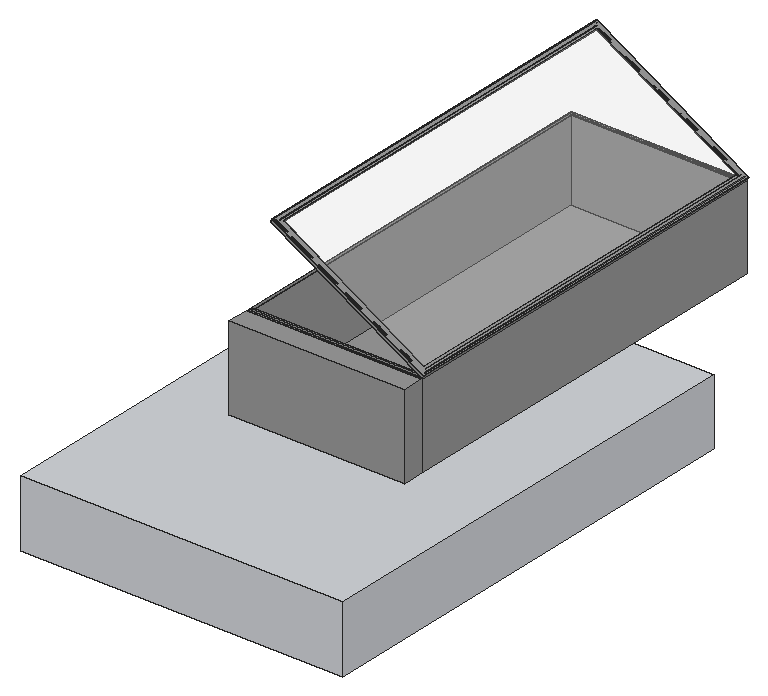
Revit family "Hager-Univers-IP55-D400-H1950-Cl.II-Steel_encl-BE-fr", category Equipement électrique, Revit 2020
Family settings
  Hôte = Face
  Configuration du panneau = Deux colonnes, circuits au sein
  Cote de connecteur circulaire = Utiliser le diamètre
  Type d'élément = Tableau de raccordement
  Couper avec des vides une fois chargée = Non
  Partagée = Non
  Point de calcul de pièce = Non
Parameters (values of type "installation au sol IP55 L800 H1950 P400  - FR23U1")
  Width Control [instance] = if([EF000008 - largeur] > Min Width, [EF000008 - largeur], Min Width)  # 800 mm
  Commentaires du type = [HG000003 - Gamme]  # "Univers"
  Thickness Door [instance] = if([EF009171 - épaisseur de matériau de la porte/du couvercle] > 3 mm, 3 mm, [EF009171 - épaisseur de matériau de la porte/du couvercle])  # 1.5 mm
  Seal Frame Offset [instance] = 17 mm  # constant formula
  Plinth Visibility [instance] = [HG000027 - Hauteur du socle] > 0 mm  # yes
  Model = ""
  Min Width [instance] = 100 mm  # constant formula
  Min Height [instance] = 100 mm  # constant formula
  Min Depth [instance] = (2 * [EF009170 - épaisseur de matériau du boîtier]) + 1 mm  # 4 mm
  Internal Frame Depth [instance] = (Door System Depth * 0.5)  # 9 mm
  Height Control [instance] = if([EF000040 - hauteur] > Min Height, [EF000040 - hauteur], Min Height)  # 1950 mm
  HG000027 - Hauteur du socle = 100 mm
  HG000026 - Installation au sol = yes
  HG000024 - Hauteur de la section basse = 800 mm
  HG000023 - Armoire double section = no
  HG000016 - Visibilité de la porte 3D [instance] = yes
  HG000015 - Visibilité de l'emprise de la porte [instance] = no
  HG000014 - Porte à droite [instance] = yes
  HG000013 - Porte à gauche [instance] = not([HG000014 - Porte à droite])  # no
  HG000012 - Angle de pivotement de la porte [instance] = 30.00°
  HG000010 - Portes asymétriques = no
  HG000009 - Porte à double battant = no
  HG000006 - Encastré = no
  HG000004 - Référence fabricant = "FR23U1"
  HG000003 - Gamme = "Univers"
  HG000002 - avec porte = yes
  Frame Offset Bottom [instance] = 10 mm  # constant formula
  Frame Offset [instance] = 15 mm  # constant formula
  EF015940 - couvercle avec décharge de pression = no
  EF011959 - degré de protection (NEMA) = ""
  EF009554 - nombre d'ouvertures pour plaques à bride = 6
  Fabricant = "Hager"  # constant formula
  EF009212 - finition du couvercle = "EV000116 - fermé"
  EF009171 - épaisseur de matériau de la porte/du couvercle = 1.5 mm
  EF009170 - épaisseur de matériau du boîtier = 1.5 mm
  EF008873 - courant nominal (In) = 800 A
  EF007800 - adapté à un parafoudre = no
  EF006306 - avec serrure = no
  EF006244 - couvercle/porte transparent(e) = yes
  EF005474 - indice de protection (IP) = "EV006420 - IP55"
  EF004464 - type de porte = "EV002646 - unique"
  EF004427 - nombre de modules = 432
  EF004293 - indice de protection contre les chocs (IK) = "EV008784 - IK10"
  EF003532 - convient pour utilisation à l’extérieur = no
  EF002950 - largeur en nombre de modules = 24
  EF001613 - maintien de fonction = "EV000494 - sans"
  EF001596 - matériau du boîtier/corps = "EV000179 - acier"
  EF001131 - profondeur intérieure = 400 mm
  EF001088 - possibilité de montage en saillie = yes
  EF000437 - nombre d'entrées de conduit = 6
  EF000339 - type de capot = "EV004216 - porte"
  EF000266 - nombre de rangées = 12
  EF000218 - profondeur d'encastrement = 0 mm
  EF000118 - avec cadre/support de montage = no
  EF000116 - numéro RAL = "7035"
  EF000049 - profondeur = 400 mm
  EF000040 - hauteur = 1950 mm
  EF000008 - largeur = 800 mm
  EF000007 - couleur = "EV000270 - gris"
  EF000003 - mode de pose = "EV012274 - installation au sol"
  Door System Leaf Tolerance [instance] = 1.5 mm  # constant formula
  Door System Depth [instance] = 18 mm  # constant formula
  Door Height [instance] = Height Control - [HG000027 - Hauteur du socle]  # 1850 mm
  Depth Control [instance] = if([EF000049 - profondeur] > Min Depth, [EF000049 - profondeur], Min Depth)  # 400 mm
  Default Elevation = 0 mm
  Connector Offset [instance] = Height Control / 2  # 975 mm
  Bottom Top Plate Trim [instance] = 1.5 mm  # constant formula
  Plinth height Ctrl [instance] = if([HG000027 - Hauteur du socle] > 0 mm, [HG000027 - Hauteur du socle], 12 mm)  # 100 mm
Types (11, lengths in mm): name | Width Control | HG000010 - Portes asymétriques | HG000009 - Porte à double battant | HG000004 - Référence fabricant | EF009554 - nombre d'ouvertures pour plaques à bride | EF006244 - couvercle/porte transparent(e) | EF004464 - type de porte | EF004427 - nombre de modules | EF000437 - nombre d'entrées de conduit | EF000008 - largeur
  installation au sol IP55 L1050 H1950 P400  - FR24H1 | 1050 | yes | yes | "FR24H1" | 8 | no | "EV003602 - double" | 576 | 8 | 1050
  installation au sol IP55 L1050 H1950 P400  - FR24U1 | 1050 | yes | yes | "FR24U1" | 8 | yes | "EV003602 - double" | 576 | 8 | 1050
  installation au sol IP55 L1300 H1950 P400  - FR25H1 | 1300 | yes | yes | "FR25H1" | 10 | no | "EV003602 - double" | 720 | 10 | 1300
  installation au sol IP55 L1300 H1950 P400  - FR25U1 | 1300 | yes | yes | "FR25U1" | 10 | yes | "EV003602 - double" | 720 | 10 | 1300
  installation au sol IP55 L1550 H1950 P400  - FR26H1 | 1550 | yes | yes | "FR26H1" | 12 | no | "EV003602 - double" | 864 | 12 | 1550
  installation au sol IP55 L1550 H1950 P400  - FR26U1 | 1550 | yes | yes | "FR26U1" | 12 | yes | "EV003602 - double" | 864 | 12 | 1550
  installation au sol IP55 L300 H1950 P400  - FR21H1 | 300 | no | no | "FR21H1" | 2 | no | "EV002646 - unique" | 144 | 2 | 300
  installation au sol IP55 L550 H1950 P400  - FR22H1 | 550 | no | no | "FR22H1" | 4 | no | "EV002646 - unique" | 288 | 4 | 550
  installation au sol IP55 L550 H1950 P400  - FR22U1 | 550 | no | no | "FR22U1" | 4 | yes | "EV002646 - unique" | 288 | 4 | 550
  installation au sol IP55 L800 H1950 P400  - FR23H1 | 800 | no | no | "FR23H1" | 6 | no | "EV002646 - unique" | 432 | 6 | 800
  installation au sol IP55 L800 H1950 P400  - FR23U1 | 800 | no | no | "FR23U1" | 6 | yes | "EV002646 - unique" | 432 | 6 | 800
Reference planes
  plane 1 "Center (Front/Back)": y = 0
  plane 2: z = 0
  plane 3 "Center (Left/Right)": x = 0
  plane 4: z = 400
  plane 5: y = 101.5
  plane 6: y = 1025
  plane 7: y = 100
  plane 8: y = 1950
  plane 9: z = 0
  plane 10: x = -385
  plane 11: x = 385
  plane 12: x = 383.5
  plane 13: x = -383.5
  plane 14: y = 1948.5
  plane 15: x = -383
  plane 16: x = -400
  plane 17: x = 383
  plane 18: x = 400
  plane 19: x = 398.5
  plane 20: x = -398.5
  plane 21: y = 111.5
  plane 22: y = 1950
  plane 23: y = 1933.5
  plane 24: z = 382
  plane 25: z = 1.5
  plane 26: z = 380.5
  plane 27: z = 398.5
Forms (mm)
  Extrusion 1, solid
    sketch origin (0, 0, 0) x (1, 0, 0) y (0, 1, 0)
      loop
        line (-702.964, 1305) -> (-702.964, -811.445) -> (766.763, -811.445) -> (766.763, 1305) -> (-702.964, 1305)
    from 0 to -304.8
  Extrusion 2, solid, material "Hager_Steel_RAL7035_Light_Grey", visible <- "Plinth Visibility", detail levels medium+fine
    sketch origin (0, 0, 0) x (1, 0, 0) y (0, 1, 0)
      loop
        line (-400, 0) -> (400, 0) -> (400, 100) -> (-400, 100) -> (-400, 0)
    from 0 to 382
  Extrusion 3, solid, material "Hager_Steel_RAL7035_Light_Grey", detail levels medium+fine
    sketch origin (0, 0, 0) x (1, 0, 0) y (0, 1, 0)
      loop
        line (-400, 100) -> (400, 100) -> (400, 1950) -> (-400, 1950) -> (-400, 100)
    from 0 to 382
  Extrusion 4, void
    sketch origin (0, 0, 0) x (1, 0, 0) y (0, 1, 0)
      loop
        line (-398.5, 101.5) -> (398.5, 101.5) -> (398.5, 1948.5) -> (-398.5, 1948.5) -> (-398.5, 101.5)
    from 1.5 to 380.5
  Extrusion 5, void
    sketch origin (-381.607, -4572, 382) x (0, -1, 0) y (-1, 0, 0)
      loop
        line (-4683.5, 1.893) -> (-6505.5, 1.893) -> (-6505.5, -765.107) -> (-4683.5, -765.107) -> (-4683.5, 1.893)
    from 0 to 1.5 <- "EF009170 - épaisseur de matériau du boîtier"
  Extrusion 6, solid, material "Hager_Steel_RAL7035_Light_Grey", detail levels fine
    sketch origin (0, 0, 382) x (1, 0, 0) y (0, 1, 0)
      loop
        line (-383.5, 1933.5) -> (-383.5, 111.5) -> (383.5, 111.5) -> (383.5, 1933.5) -> (-383.5, 1933.5)
      loop
        line (-385, 110) -> (385, 110) -> (385, 1935) -> (-385, 1935) -> (-385, 110)
    from 0 to 9 <- "Internal Frame Depth"
  Extrusion 7, solid, material "Hager_Steel_RAL7035_Light_Grey", detail levels coarse
    sketch origin (0, 0, 0) x (1, 0, 0) y (0, 1, 0)
      loop
        line (-400, 0) -> (400, 0) -> (400, 1950) -> (-400, 1950) -> (-400, 0)
    from 0 to 400
  Sweep 8, void
    path in 3D
      loop
        line (-400, 100, 0) -> (400, 100, 0) -> (400, 100, 382) -> (-400, 100, 382) -> (-400, 100, 0)
    profile origin (-400, 100, 191) x (-1, 0, 0) y (0, -1, 0)
      loop
        line (0, 0) -> (0, 1.5) -> (-1.5, 1.5)
        arc (-1.5, 1.5) -> (-1.061, 0.439) -> (0, 0) r 1.5
Cuts and joins
  Extrusion 4, Extrusion 5 cuts Extrusion 3
  Sweep 8 cuts Extrusion 2
Lines and regions (mm)
  Masking region 1
    outline origin (0, 0, 0) x (1, 0, 0) y (0, 0, 1)
      loop
        line (-400, 400) -> (-400, 0) -> (400, 0) -> (400, 400) -> (-400, 400)
  Masking region 2, detail levels medium+fine
    outline origin (0, 140, 0) x (0, 1, 0) y (0, 0, 1)
      loop
        line (-40, 0) -> (1810, 0) -> (1810, 382) -> (-40, 382) -> (-40, 0)
  Masking region 3, not visible, detail levels medium+fine
    outline origin (0, 297.922, 0) x (0, 1, 0) y (0, 0, 1)
      loop
        line (738.578, 0) -> (778.578, 0) -> (778.578, 388.5)
        arc (778.578, 388.5) -> (775.649, 395.571) -> (768.578, 398.5) r 10
        line (768.578, 398.5) -> (738.578, 398.5) -> (738.578, 0)
  Masking region 4, detail levels coarse
    outline origin (0, 0, 180) x (0, 1, 0) y (0, 0, 1)
      loop
        line (0, -180) -> (1950, -180) -> (1950, 220) -> (0, 220) -> (0, -180)
  Masking region 5, visible <- "Plinth Visibility", detail levels medium+fine
    outline origin (0, 52.24, 12.345) x (0, 0, -1) y (0, 1, 0)
      loop
        line (10.845, 47.76) -> (-368.155, 47.76)
        arc (-368.155, 47.76) -> (-368.594, 46.699) -> (-369.655, 46.26) r 1.5
        line (-369.655, 46.26) -> (-369.655, -52.24) -> (12.345, -52.24) -> (12.345, 46.26)
        arc (12.345, 46.26) -> (11.285, 46.699) -> (10.845, 47.76) r 1.5
  Masking region 6, detail levels medium+fine
    outline origin (-381.607, -4572, 382) x (-1, 0, 0) y (0, -1, 0)
      loop
        line (18.393, -6522) -> (18.393, -4672) -> (-781.607, -4672) -> (-781.607, -6522) -> (18.393, -6522)
  Masking region 7, visible <- "Plinth Visibility", detail levels medium+fine
    outline origin (-381.607, -4727, 382) x (-1, 0, 0) y (0, -1, 0)
      loop
        arc (16.893, -4827) -> (17.332, -4825.939) -> (18.393, -4825.5) r 1.5
        line (18.393, -4825.5) -> (18.393, -4727) -> (-781.607, -4727) -> (-781.607, -4825.5)
        arc (-781.607, -4825.5) -> (-780.546, -4825.939) -> (-780.107, -4827) r 1.5
        line (-780.107, -4827) -> (16.893, -4827)
  Masking region 8, detail levels coarse
    outline origin (-442.548, -4669.526, 382) x (-1, 0, 0) y (0, -1, 0)
      loop
        line (-42.548, -6619.526) -> (-42.548, -4669.526) -> (-842.548, -4669.526) -> (-842.548, -6619.526) -> (-42.548, -6619.526)
  sketch lines
    curve 1: line (-400, 100, 382) -> (-400, 100, 0)
    curve 2: line (400, 100, 382) -> (-400, 100, 382)
    curve 3: line (400, 100, 382) -> (400, 100, 0)
    curve 4: line (-400, 100, 0) -> (400, 100, 0)
Dimensions and locks
  "Depth Control": plane 4 to Extrusion 1
  "HG000027 - Hauteur du socle": plane 1 "Center (Front/Back)" to plane 7
  "EF009170 - épaisseur de matériau du boîtier": plane 5 to plane 7
  locked: connector elem to plane 3 "Center (Left/Right)"
  equal spacing: plane 8, plane 6, plane 7
  locked: connector elem to plane 6
  "EF009170 - épaisseur de matériau du boîtier": plane 8 to plane 14
  "EF009170 - épaisseur de matériau du boîtier": plane 10 to plane 13
  "EF009170 - épaisseur de matériau du boîtier": plane 12 to plane 11
  "Frame Offset": plane 20 to plane 13
  "Frame Offset": plane 12 to plane 19
  "EF009170 - épaisseur de matériau du boîtier": plane 16 to plane 20
  "EF009170 - épaisseur de matériau du boîtier": plane 19 to plane 18
  "Seal Frame Offset": plane 16 to plane 15
  "Seal Frame Offset": plane 17 to plane 18
  "Frame Offset Bottom": plane 21 to plane 5
  "Frame Offset": plane 14 to plane 23
  equal spacing: plane 16, plane 3 "Center (Left/Right)", plane 18
  "Width Control": plane 16 to plane 18
  "EF009170 - épaisseur de matériau du boîtier": plane 4 to plane 27
  "EF009170 - épaisseur de matériau du boîtier": plane 24 to plane 26
  "EF009170 - épaisseur de matériau du boîtier": plane 25 to level
  "Door System Depth": plane 4 to plane 24
  "Height Control": plane 1 "Center (Front/Back)" to Extrusion 7 sketch curve
  "Height Control": Masking region 4 sketch curve to plane 1 "Center (Front/Back)"
  "Height Control": plane 1 "Center (Front/Back)" to plane 22
  "Bottom Top Plate Trim": profile plane to Sweep 8 sketch curve
  "Bottom Top Plate Trim": Sweep 8 sketch curve to profile plane
  "Plinth height Ctrl": plane 1 "Center (Front/Back)" to Extrusion 2 sketch curve
  "Plinth height Ctrl": Masking region 5 sketch curve to plane 1 "Center (Front/Back)"
  "Plinth height Ctrl": plane 1 "Center (Front/Back)" to Masking region 7 sketch curve
  "Thickness Door": Extrusion 6 sketch curve to Extrusion 6 sketch curve  (x3)
  "Thickness Door": cut or joined group of Extrusion 3, Extrusion 4, Extrusion 5 to Extrusion 6 sketch curve
  radius of Masking region 3 sketch curve = 10 mm
  "Bottom Top Plate Trim": radius of Masking region 5 sketch curve  (x2)
  "Bottom Top Plate Trim": radius of Sweep 8 sketch curve
  "Bottom Top Plate Trim": radius of Masking region 7 sketch curve  (x2)
  aligned and locked: plane 2 to Extrusion 1
  aligned and locked: level to Extrusion 1
  aligned and locked: level to Masking region 1 sketch curve
  aligned and locked: Masking region 1 sketch curve to plane 18
  aligned and locked: Masking region 1 sketch curve to plane 16
  aligned and locked: plane 7 to Masking region 2 sketch curve
  aligned and locked: level to Masking region 3 sketch curve
  aligned and locked: Masking region 3 sketch curve to plane 27
  aligned and locked: level to Masking region 2 sketch curve
  aligned and locked: plane 1 "Center (Front/Back)" to Extrusion 2 sketch curve
  aligned and locked: Extrusion 3 sketch curve to plane 7
  aligned and locked: plane 16 to Extrusion 3 sketch curve
  aligned and locked: plane 18 to Extrusion 3 sketch curve
  aligned and locked: plane 20 to Extrusion 4 sketch curve
  aligned and locked: plane 19 to Extrusion 4 sketch curve
  aligned and locked: Extrusion 4 sketch curve to plane 5
  aligned and locked: Extrusion 4 to plane 25
  aligned and locked: plane 26 to Extrusion 4
  aligned and locked: plane 24 to Extrusion 3
  aligned and locked: Extrusion 5 sketch curve to plane 21
  aligned and locked: Extrusion 5 sketch curve to plane 13
  aligned and locked: Extrusion 5 sketch curve to plane 12
  aligned and locked: plane 18 to Extrusion 7 sketch curve
  aligned and locked: plane 1 "Center (Front/Back)" to Extrusion 7 sketch curve
  aligned and locked: plane 16 to Extrusion 7 sketch curve
  aligned and locked: plane 4 to Extrusion 7
  aligned and locked: Extrusion 7 to level
  aligned and locked: level to Masking region 4 sketch curve
  aligned and locked: Masking region 4 sketch curve to plane 1 "Center (Front/Back)"
  aligned and locked: Masking region 4 sketch curve to plane 4
  aligned and locked: nested 1 to level
  aligned and locked: nested 1 to plane 16
  aligned and locked: plane 8 to Extrusion 3 sketch curve
  aligned and locked: plane 23 to Extrusion 5 sketch curve
  aligned and locked: plane 14 to Extrusion 4 sketch curve
  aligned and locked: Masking region 2 sketch curve to plane 8
  aligned and locked: level to Masking region 5 sketch curve
  aligned and locked: plane 16 to Extrusion 2 sketch curve
  aligned and locked: plane 18 to Extrusion 2 sketch curve
  aligned and locked: Masking region 5 sketch curve to plane 24
  aligned and locked: Masking region 2 sketch curve to plane 24
  aligned and locked: plane 24 to Extrusion 2
  aligned and locked: profile plane to Sweep 8 sketch curve  (x2)
  aligned and locked: Masking region 6 sketch curve to plane 18
  aligned and locked: Masking region 6 sketch curve to plane 22
  aligned and locked: Masking region 6 sketch curve to plane 16
  aligned and locked: plane 8 to plane 22
  aligned and locked: Masking region 6 sketch curve to plane 7
  aligned and locked: Masking region 7 sketch curve to plane 16
  aligned and locked: Masking region 7 sketch curve to plane 1 "Center (Front/Back)"
  aligned and locked: Masking region 7 sketch curve to plane 18
  aligned and locked: Masking region 8 sketch curve to plane 1 "Center (Front/Back)"
  aligned and locked: Masking region 8 sketch curve to plane 18
  aligned and locked: Masking region 8 sketch curve to plane 22
  aligned and locked: Masking region 8 sketch curve to plane 16
  aligned and locked: nested 2 to plane 7
  aligned and locked: plane 3 "Center (Left/Right)" to nested 2
  aligned and locked: nested 2 to plane 24
  aligned and locked: Extrusion 6 sketch curve to cut or joined group of Extrusion 3, Extrusion 4, Extrusion 5  (x4)
Automatic sketch dimensions
  Extrusion 1 sketch curve to Extrusion 1 sketch curve = 1469.727 mm
  Extrusion 1 sketch curve to Extrusion 1 sketch curve = 2116.445 mm
  Masking region 1 sketch curve to plane 4 = 0 mm
  plane 6 to Masking region 3 sketch curve = 11.5 mm
  Masking region 3 sketch curve to Masking region 3 sketch curve = 30 mm
  Masking region 5 sketch curve to plane 1 "Center (Front/Back)" = 0 mm
Nested families
  nested 1: "Hager_Enclosure_Symbol" at (-400, 0, 0) x (1, 0, 0) z (0, -1, 0), Height <- "Depth Control", Width <- "Width Control", type "Hager_Enclosure_Symbol"
    with Width_Ctrl 800 mm, Width 800 mm, Height_Ctrl 400 mm, Height 400 mm, A_Width_Int 26.25 mm, A_Width 315 mm, A_Height_Ctrl 350 mm, A_Height 350 mm
  nested 2: "EC000058_Univers_Door" at (0, 100, 382) x (1, 0, 0) z (0, 1, 0), Leaf_Tolerance <- "Door System Leaf Tolerance", Angle <- "HG000012 - Angle de pivotement de la porte", Door_Depth <- "Door System Depth", Door_Left <- "HG000013 - Porte à gauche", Transparent <- "EF006244 - couvercle/porte transparent(e)", Assymetrical <- "HG000010 - Portes asymétriques", Width <- "Width Control", Clearance <- "HG000015 - Visibilité de l'emprise de la porte", Double <- "HG000009 - Porte à double battant", 3d_Door <- "HG000016 - Visibilité de la porte 3D", Lock_Visibility <- "EF006306 - avec serrure", Width_Ctrl <- "Width Control", Door_Right <- "HG000014 - Porte à droite", Door <- "HG000002 - avec porte", Height <- "Door Height", Thickness <- "Thickness Door", type "EC000058_Univers_Door", detail levels medium+fine
    with min_wh 4 mm, Width_Ctrl 800 mm, Width 800 mm, Transparent yes, Thickness 1.5 mm, Seal_Material Hager_Rubber, Lock_Visibility no, Lock_Material Hager_Plastic_RAL9005_Jet_Black, Leaf_Width 800 mm, Leaf_Tolerance_External_Sides 0 mm, Leaf_Tolerance 1.5 mm, Leaf_Offset 0 mm, Leaf_Height 1847 mm, Leaf_2_Width 800 mm, Leaf_2_Offset 400 mm, Leaf_1_Width 800 mm, Leaf_1_Offset 400 mm, Height_Ctrl 1850 mm, Height 1850 mm, Glass_Material Hager_Glass, Double_Clearance_Ctrl no, Double no, Door_Right_Ctrl yes, Door_Right yes, Door_Material Hager_Steel_RAL7035_Light_Grey, Door_Left_Ctrl no, Door_Left no, Door_Depth 18 mm, Door yes, Clearance_Material Hager_Clearance, Clearance_Depth 800 mm, Clearance_Ctrl no, Clearance no, Assymetrical no, Angle 30.00°, 3d_Door yes
Connectors
  electrical at (0, 1025, 0)
    settings: on plane 9, index 1, voltage 0 V, apparent load 0 VA, apparent load phase1 0 VA, apparent load phase2 0 VA, apparent load phase3 0 VA, power factor 1, load classification "Other", number of poles 1, system type 30, power factor state 1, is connector primary yes, connector utility no, sub classification motor no, connector description ""
Definition of nested family "EC000058_Univers_Door"
  Parameters (values of type "EC000058_Univers_Door")
    min_wh [instance] = (2 * Thickness) + 1 mm  # 11 mm
    Width_Ctrl [instance] = 400 mm
    Width [instance] = 500 mm
    Transparent [instance] = yes
    Thickness [instance] = 5 mm
    Seal_Material [instance] = none
    Lock_Visibility [instance] = yes
    Lock_Material [instance] = none
    Leaf_Width [instance] = if((Width_Ctrl - 2 * Leaf_Tolerance_External_Sides) > 0 mm, (Width_Ctrl - 2 * Leaf_Tolerance_External_Sides), min_wh)  # 400 mm
    Leaf_Tolerance_External_Sides [instance] = 0 mm  # constant formula
    Leaf_Tolerance [instance] = 1.5 mm
    Leaf_Offset [instance] = 0 mm  # constant formula
    Leaf_Height [instance] = if((Height_Ctrl - 2 * Leaf_Tolerance) > 0 mm, (Height_Ctrl - 2 * Leaf_Tolerance), min_wh)  # 497 mm
    Leaf_2_Width [instance] = if(and(and(Double, Assymetrical), Door_Left), (Leaf_Width / 3) - (Leaf_Tolerance / 2), if(and(and(Double, Assymetrical), Door_Right), (Leaf_Width / 3) * 2 - (Leaf_Tolerance / 2), if(and(Double, not(Assymetrical)), (Leaf_Width / 2) - Leaf_Tolerance, Leaf_Width)))  # 400 mm
    Leaf_2_Offset [instance] = if(and(Double, Assymetrical), Leaf_2_Width / 2, if(and(Double, not(Assymetrical)), Leaf_Width / 4, Leaf_Width / 2))  # 200 mm
    Leaf_1_Width [instance] = if(and(and(Double, Assymetrical), Door_Right), (Leaf_Width / 3) - (Leaf_Tolerance / 2), if(and(and(Double, Assymetrical), Door_Left), (Width / 3) * 2 - (Leaf_Tolerance / 2), if(and(Double, not(Assymetrical)), (Leaf_Width / 2) - Leaf_Tolerance, Leaf_Width)))  # 400 mm
    Leaf_1_Offset [instance] = if(and(Double, Assymetrical), Leaf_1_Width / 2, if(and(Double, not(Assymetrical)), Leaf_Width / 4, Leaf_Width / 2))  # 200 mm
    Height_Ctrl [instance] = if(Height > min_wh, Height, min_wh)  # 500 mm
    Height [instance] = 500 mm
    Glass_Material [instance] = none
    Double_Clearance_Ctrl [instance] = and(Double, Clearance)  # no
    Double [instance] = no
    Door_Right_Ctrl [instance] = and(or(Door_Right, Double), Door)  # yes
    Door_Right [instance] = yes
    Door_Material [instance] = none
    Door_Left_Ctrl [instance] = and(or(Door_Left, Double), Door)  # no
    Door_Left [instance] = no
    Door_Depth [instance] = 30 mm
    Door [instance] = yes
    Default Elevation = 1219.2 mm
    Clearance_Material [instance] = none
    Clearance_Depth [instance] = if(Leaf_1_Width > Leaf_2_Width, Leaf_1_Width, Leaf_2_Width)  # 400 mm
    Clearance_Ctrl [instance] = and(not(Double), Clearance)  # yes
    Clearance [instance] = yes
    Assymetrical [instance] = yes
    Angle [instance] = 30.00°
    3d_Door [instance] = yes
  Reference planes
    plane 1 "Center (Front/Back)": y = 0
    plane 2 "Bottom": z = 0
    plane 3 "Center (Left/Right)": x = 0
    plane 4: z = 500
    plane 5: x = -200
    plane 6: x = 200
    plane 7: z = 500
    plane 8: x = -200
    plane 9: z = 0
    plane 10: x = 200
    plane 11: y = 0
    plane 12: z = 1.5
    plane 13: x = -600
    plane 14: y = -400
    plane 15: x = 600
    plane 16: x = 0
    plane 17: x = 0
    plane 18: x = -200
    plane 19: x = 200
    plane 20: z = 498.5
  Forms (mm)
    Extrusion 1, solid, material <- "Clearance_Material", visible <- "Double_Clearance_Ctrl"
      sketch origin (1200, 0, 0) x (1, 0, 0) y (0, 0, -1)
        loop
          line (-1800, -498.5) -> (-600, -498.5) -> (-600, 0) -> (-1800, 0) -> (-1800, -498.5)
      from 0 to -400
  Dimensions and locks
    equal spacing: plane 5, plane 3 "Center (Left/Right)", plane 6
    "Width_Ctrl": plane 5 to plane 6
    "Leaf_Offset": plane 5 to plane 8
    "Leaf_Offset": plane 6 to plane 10
    "Leaf_Offset": plane 9 to level
    "Leaf_Offset": plane 4 to plane 7
    "Height_Ctrl": plane 4 to level
    "Leaf_Tolerance": plane 12 to plane 9
    locked: plane 11 to plane 1 "Center (Front/Back)"
    "Leaf_1_Offset": plane 18 to plane 16
    "Leaf_2_Offset": plane 17 to plane 19
    "Leaf_1_Width": plane 13 to plane 8
    "Leaf_2_Width": plane 10 to plane 15
    "Clearance_Depth": plane 14 to plane 1 "Center (Front/Back)"
    "Leaf_Tolerance_External_Sides": plane 8 to plane 18
    "Leaf_Tolerance_External_Sides": plane 19 to plane 10
    "Leaf_Tolerance": plane 7 to plane 20
    aligned and locked: level to plane 2 "Bottom"
    aligned and locked: nested 1 to plane 16
    aligned and locked: nested 2 to plane 17
    aligned and locked: Extrusion 1 to plane 13
    aligned and locked: plane 15 to Extrusion 1
    aligned and locked: Extrusion 1 to plane 14
    aligned and locked: plane 12 to nested 1
    aligned and locked: nested 2 to plane 12
    aligned and locked: Extrusion 1 to plane 11
    aligned and locked: plane 20 to Extrusion 1
    aligned and locked: nested 2 to plane 11
    aligned and locked: nested 1 to plane 11
  Automatic sketch dimensions
    Extrusion 1 sketch curve to level = 0 mm
    plane 5 to Extrusion 1 sketch curve = 400 mm
    plane 6 to Extrusion 1 sketch curve = 400 mm
    Extrusion 1 sketch curve to plane 4 = 1.5 mm
  Nested families
    nested 1: "EC000058_Univers_Door_Leaf" at (0, 0, 1.5), Width <- "Leaf_1_Width", visible <- "Door_Left_Ctrl", Leaf_Height <- "Leaf_Height", Angle <- "Angle", 3d_Door <- "3d_Door", Transparent <- "Transparent", Clearance Material <- "Clearance_Material", Clearance <- "Clearance_Ctrl", Door_Material <- "Door_Material", Glass_Material <- "Glass_Material", Door_Depth <- "Door_Depth", Lock_Material <- "Lock_Material", Seal_Material <- "Seal_Material", Lock_Visibility <- "Lock_Visibility", Thickness <- "Thickness", type "EC000058_Univers_Door_Leaf"
      with Width 400 mm, Transparent_Glass_Offset 30 mm, Transparent_Ctrl yes, Transparent yes, Thickness 5 mm, Standard no, Seal_Material none, Seal_D2 8 mm, Seal_D1 1 mm, Offset_Internal_Frame 10 mm, Lock_Width 20 mm, Lock_Visibility_3d yes, Lock_Visibility yes, Lock_Thickness_3 3 mm, Lock_Thickness_2 1 mm, Lock_Thickness_1 3 mm, Lock_Radius_Offset_2 16 mm, Lock_Radius_Offset_1 15 mm, Lock_Radius_2 5 mm, Lock_Radius 6 mm, Lock_Offset 5 mm, Lock_Material none, Lock_Height 80 mm, Lock_Cover_Top_Offset_2d 17 mm, Lock_Cover_Height -65 mm, Leaf_Height 497 mm, Internal_Seal_Thickness 8 mm, Internal_Seal_Depth_2 4.5 mm, Internal_Frame_Depth 25 mm, Glass_Thickness -1 mm, Glass_Offset -2 mm, Glass_Material none, Door_Material none, Door_Depth 30 mm, Clearance Material none, Clearance yes, Angle_Ctrl 30.00°, Angle 30.00°, 3d_Door yes
    nested 2: "EC000058_Univers_Door_Leaf" at (0, 0, 1.5) x (-1, 0, 0) z (0, 0, 1), Width <- "Leaf_2_Width", visible <- "Door_Right_Ctrl", Leaf_Height <- "Leaf_Height", Angle <- "Angle", 3d_Door <- "3d_Door", Transparent <- "Transparent", Clearance Material <- "Clearance_Material", Clearance <- "Clearance_Ctrl", Door_Material <- "Door_Material", Glass_Material <- "Glass_Material", Door_Depth <- "Door_Depth", Lock_Material <- "Lock_Material", Seal_Material <- "Seal_Material", Lock_Visibility <- "Lock_Visibility", Thickness <- "Thickness", type "EC000058_Univers_Door_Leaf"
      with Width 400 mm, Transparent_Glass_Offset 30 mm, Transparent_Ctrl yes, Transparent yes, Thickness 5 mm, Standard no, Seal_Material none, Seal_D2 8 mm, Seal_D1 1 mm, Offset_Internal_Frame 10 mm, Lock_Width 20 mm, Lock_Visibility_3d yes, Lock_Visibility yes, Lock_Thickness_3 3 mm, Lock_Thickness_2 1 mm, Lock_Thickness_1 3 mm, Lock_Radius_Offset_2 16 mm, Lock_Radius_Offset_1 15 mm, Lock_Radius_2 5 mm, Lock_Radius 6 mm, Lock_Offset 5 mm, Lock_Material none, Lock_Height 80 mm, Lock_Cover_Top_Offset_2d 17 mm, Lock_Cover_Height -65 mm, Leaf_Height 497 mm, Internal_Seal_Thickness 8 mm, Internal_Seal_Depth_2 4.5 mm, Internal_Frame_Depth 25 mm, Glass_Thickness -1 mm, Glass_Offset -2 mm, Glass_Material none, Door_Material none, Door_Depth 30 mm, Clearance Material none, Clearance yes, Angle_Ctrl 30.00°, Angle 30.00°, 3d_Door yes
  Definition of nested family "EC000058_Univers_Door_Leaf"
    Parameters (values of type "EC000058_Univers_Door_Leaf")
      Width [instance] = 2000 mm
      Transparent_Glass_Offset [instance] = 30 mm
      Transparent_Ctrl [instance] = and(Transparent, [3d_Door])  # yes
      Transparent [instance] = yes
      Thickness [instance] = 5 mm
      Standard [instance] = and(not(Transparent), [3d_Door])  # no
      Seal_Material [instance] = none
      Seal_D2 [instance] = 8 mm  # constant formula
      Seal_D1 [instance] = 1 mm  # constant formula
      Offset_Internal_Frame [instance] = 10 mm  # constant formula
      Lock_Width [instance] = 20 mm  # constant formula
      Lock_Visibility_3d [instance] = and(Lock_Visibility, [3d_Door])  # yes
      Lock_Visibility [instance] = yes
      Lock_Thickness_3 [instance] = 3 mm  # constant formula
      Lock_Thickness_2 [instance] = 1 mm  # constant formula
      Lock_Thickness_1 [instance] = 3 mm  # constant formula
      Lock_Radius_Offset_2 [instance] = Lock_Radius_Offset_1 + 1 mm  # 16 mm
      Lock_Radius_Offset_1 [instance] = 15 mm  # constant formula
      Lock_Radius_2 [instance] = Lock_Radius - 1 mm  # 5 mm
      Lock_Radius [instance] = 6 mm  # constant formula
      Lock_Offset [instance] = 5 mm  # constant formula
      Lock_Material [instance] = none
      Lock_Height [instance] = 80 mm  # constant formula
      Lock_Cover_Top_Offset_2d [instance] = Lock_Radius_Offset_2 + 1 mm  # 17 mm
      Lock_Cover_Height [instance] = -(Lock_Height - Lock_Radius_Offset_1)  # -65 mm
      Leaf_Height [instance] = 2720.336 mm
      Internal_Seal_Thickness [instance] = 8 mm  # constant formula
      Internal_Seal_Depth_2 [instance] = 4.5 mm  # constant formula
      Internal_Frame_Depth [instance] = if(Door_Depth - Thickness > 5 mm, Door_Depth - Thickness, 5 mm)  # 25 mm
      Glass_Thickness [instance] = if(Thickness > 15 mm, Glass_Offset + 10 mm, -1 mm)  # -1 mm
      Glass_Offset [instance] = if(Thickness > 15 mm, -(Thickness + 10 mm) / 2, -2 mm)  # -2 mm
      Glass_Material [instance] = none
      Door_Material [instance] = none
      Door_Depth [instance] = 30 mm
      Default Elevation = 0 mm
      Clearance Material [instance] = none
      Clearance [instance] = yes
      Angle_Ctrl [instance] = if(Angle > 180.00°, 180.00°, Angle)  # 90.00°
      Angle [instance] = 90.00°
      3d_Door [instance] = yes
    Reference planes
      plane 1 "Center (Front/Back)": y = 0
      plane 2: z = 0
      plane 3 "Center (Left/Right)": x = 0
      plane 4: y = 2000
      plane 5: x = -1000
      plane 6: x = 1000
      plane 7: x = -3000
      plane 8: z = 2720.336
      plane 9: z = 30
      plane 10: z = 2690.336
      plane 11: x = 970
      plane 12: x = -970
      plane 13: y = -3
      plane 14: z = 107.833
      plane 15: y = -5
      plane 16: y = -223.314
      plane 17: x = -1000
      plane 18: z = 1360.168
      plane 19: y = 30
    Forms (mm)
      Extrusion 1, solid, material <- "Clearance Material", visible <- "Clearance"
        sketch origin (0, 0, 0) x (1, 0, 0) y (0, 0, 1)
          loop
            line (-3000, 2720.336) -> (-3000, 0) -> (1000, 0) -> (1000, 2720.336) -> (-3000, 2720.336)
        from 0 to -2000
      Extrusion 2, solid, material <- "Door_Material", visible <- "Standard", detail levels medium+fine
        sketch origin (-1000, 0, 0) x (0, 1, 0) y (-1, 0, 0)
          loop
            line (0, 30) -> (0, 25) -> (2000, 25) -> (2000, 30) -> (0, 30)
        from 0 to 2720.336 <- "Leaf_Height"
      Extrusion 3, solid, material <- "Door_Material", visible <- "Transparent_Ctrl", detail levels medium+fine
        sketch origin (-1000, 0, 0) x (0, 1, 0) y (-1, 0, 0)
          loop
            line (0, 25) -> (2000, 25) -> (2000, 30) -> (0, 30) -> (0, 25)
        from 0 to 2720.336 <- "Leaf_Height"
      Extrusion 4, void
        sketch origin (-1025, 2000, 0) x (0, 1, 0) y (0, 0, -1)
          loop
            line (-30, -2690.336) -> (-30, -30) -> (-1970, -30) -> (-1970, -2690.336) -> (-30, -2690.336)
        from 0 to 5 <- "Thickness"
      Sweep 5, solid, material <- "Seal_Material", visible <- "Transparent_Ctrl", detail levels fine
        path in 3D
          loop
            line (-1025, 30, 30) -> (-1025, 30, 2690.336) -> (-1025, 1970, 2690.336) -> (-1025, 1970, 30) -> (-1025, 30, 30)
        profile origin (-1025, 1000, 30) x (1, 0, 0) y (0, 0, 1)
          loop
            line (0, 0) -> (0, -8) -> (1, -8) -> (1, 0) -> (0, 0)
      Extrusion 6, solid, material <- "Glass_Material", visible <- "Transparent_Ctrl", detail levels medium+fine
        sketch origin (-1030, 0, 0) x (0, 1, 0) y (0, 0, -1)
          loop
            line (1970, -2690.336) -> (1970, -30) -> (30, -30) -> (30, -2690.336) -> (1970, -2690.336)
        from -2 <- "Glass_Offset" to -1 <- "Glass_Thickness"
      Extrusion 7, solid, material <- "Door_Material", visible <- "3d_Door", detail levels medium+fine
        sketch origin (-1025, 2000, 0) x (0, -1, 0) y (0, 0, -1)
          loop
            line (0, -2720.336) -> (2000, -2720.336) -> (2000, 0) -> (0, 0) -> (0, -2720.336)
          loop
            line (1995, -5) -> (5, -5) -> (5, -2715.336) -> (1995, -2715.336) -> (1995, -5)
        from 0 to 25 <- "Internal_Frame_Depth"
      Sweep 8, solid, material <- "Seal_Material", visible <- "Transparent_Ctrl", detail levels fine
        path in 3D
          loop
            line (-1025, 0, 0) -> (-1025, 2000, 0) -> (-1025, 2000, 2720.336) -> (-1025, 0, 2720.336) -> (-1025, 0, 0)
        profile origin (-1025, 0, 1360.168) x (1, 0, 0) y (0, 1, 0)
          loop
            line (0, 10) -> (2.975, 10)
            arc (2.975, 10) -> (4.053, 10.447) -> (4.5, 11.525) r 1.525
            line (4.5, 11.525) -> (4.5, 16.527)
            arc (4.5, 16.527) -> (4.069, 17.569) -> (3.027, 18) r 1.473
            line (3.027, 18) -> (0, 18) -> (0, 10)
      Extrusion 9, solid, material <- "Lock_Material", visible <- "Lock_Visibility_3d", detail levels fine
        sketch origin (-1030, 0, 0) x (0, 1, 0) y (0, 0, -1)
          loop
            arc (1993.5, -1400.168) -> (1994.561, -1399.729) -> (1995, -1398.668) r 1.5
            line (1995, -1398.668) -> (1995, -1320.168) -> (1975, -1320.168) -> (1975, -1398.668)
            arc (1975, -1398.668) -> (1975.439, -1399.729) -> (1976.5, -1400.168) r 1.5
            line (1976.5, -1400.168) -> (1993.5, -1400.168)
        from 3 <- "Lock_Thickness_1" to 0
      Blend 10, solid, material <- "Lock_Material", visible <- "Lock_Visibility_3d", detail levels fine
        base sketch origin (-1033, 0, 0) x (0, 1, 0) y (0, 0, -1)
          loop
            line (1975, -1320.168) -> (1975, -1398.668)
            arc (1975, -1398.668) -> (1975.439, -1399.729) -> (1976.5, -1400.168) r 1.5
            line (1976.5, -1400.168) -> (1993.5, -1400.168)
            arc (1993.5, -1400.168) -> (1994.561, -1399.729) -> (1995, -1398.668) r 1.5
            line (1995, -1398.668) -> (1995, -1320.168) -> (1975, -1320.168)
        top sketch origin (-1033, 0, 0) x (0, 1, 0) y (0, 0, -1)
          loop
            line (1976, -1320.168) -> (1976, -1398.668)
            arc (1976, -1398.668) -> (1976.146, -1399.022) -> (1976.5, -1399.168) r 0.5
            line (1976.5, -1399.168) -> (1993.5, -1399.168)
            arc (1993.5, -1399.168) -> (1993.854, -1399.022) -> (1994, -1398.668) r 0.5
            line (1994, -1398.668) -> (1994, -1320.168) -> (1976, -1320.168)
        from 0 to 1 <- "Lock_Thickness_2"
      Blend 11, solid, material <- "Lock_Material", visible <- "Lock_Visibility_3d", detail levels fine
        base sketch origin (-1034, 0, 0) x (0, 1, 0) y (0, 0, -1)
          loop
            line (1978, -1320.168) -> (1978, -1384.168)
            arc (1978, -1384.168) -> (1985, -1391.168) -> (1992, -1384.168) r 7
            line (1992, -1384.168) -> (1992, -1320.168) -> (1978, -1320.168)
        top sketch origin (-1034, 0, 0) x (0, 1, 0) y (0, 0, -1)
          loop
            line (1991, -1320.168) -> (1979, -1320.168) -> (1979, -1383.168)
            arc (1979, -1383.168) -> (1985, -1389.168) -> (1991, -1383.168) r 6
            line (1991, -1383.168) -> (1991, -1320.168)
        from 0 to 3 <- "Lock_Thickness_3"
      Extrusion 12, solid, material <- "Lock_Material", visible <- "Lock_Visibility_3d", detail levels fine
        sketch origin (-1030, 1975, 1320.168) x (1, 0, 0) y (0, -1, 0)
          loop
            line (-7, -19) -> (-7, -1) -> (0, -1) -> (0, 0) -> (-8, 0) -> (-8, -20) -> (0, -20) -> (0, -19) -> (-7, -19)
        from 0 to -65 <- "Lock_Cover_Height"
      Extrusion 13, void
        sketch origin (-1038, 1995, 1320.168) x (-1, 0, 0) y (0, 0, -1)
          loop
            line (-5, -65) -> (0, -65) -> (-5, -60) -> (-5, -65)
        from 0 to 20 <- "Lock_Width"
      Extrusion 14, void
        sketch origin (-1038, 1975, 1320.168) x (0, -1, 0) y (0, 0, -1)
          loop
            circle (-10, -15.995) r 6
          loop
            circle (-10, -15.995) r 5
        from 0 to 2
      Extrusion 15, solid, material <- "Lock_Material", visible <- "Lock_Visibility_3d", detail levels medium
        sketch origin (-1030, 0, 0) x (0, 1, 0) y (0, 0, -1)
          loop
            arc (1993.5, -1400.168) -> (1994.561, -1399.729) -> (1995, -1398.668) r 1.5
            line (1995, -1398.668) -> (1995, -1320.168) -> (1975, -1320.168) -> (1975, -1398.668)
            arc (1975, -1398.668) -> (1975.439, -1399.729) -> (1976.5, -1400.168) r 1.5
            line (1976.5, -1400.168) -> (1993.5, -1400.168)
        from 8 to 0
    Cuts and joins
      Extrusion 4 cuts Extrusion 3
      Extrusion 13, Extrusion 14 cuts Extrusion 9
      Extrusion 14 cuts Blend 11
      Extrusion 13, Extrusion 14 cuts Extrusion 12
      joined: Extrusion 9, Blend 10, Blend 11, Extrusion 12
      Extrusion 14 cuts Extrusion 15
    Lines and regions (mm)
      Masking region 1, visible <- "Lock_Visibility", detail levels fine
        outline origin (0, 0, 0) x (0, 1, 0) y (0, 0, 1)
          loop
            line (30, 1320.168) -> (33, 1320.168) -> (33, 1400.168) -> (30, 1400.168) -> (30, 1320.168)
      Masking region 2, visible <- "Lock_Visibility", detail levels fine
        outline origin (0, 3.143, 0) x (0, 1, 0) y (0, 0, 1)
          loop
            line (29.857, 1354.168) -> (30.857, 1354.168) -> (30.857, 1366.168) -> (29.857, 1366.168) -> (29.857, 1354.168)
      Masking region 3, detail levels medium+fine
        outline origin (0, 0, 0) x (0, 1, 0) y (0, 0, 1)
          loop
            line (0, 0) -> (30, 0) -> (30, 2720.336) -> (0, 2720.336) -> (0, 0)
      Masking region 4, detail levels medium+fine
        outline origin (0, 0, 0) x (1, 0, 0) y (0, 0, 1)
          loop
            line (-1000, 2720.336) -> (-1000, 0) -> (1000, 0) -> (1000, 2720.336) -> (-1000, 2720.336)
      Masking region 5, visible <- "Lock_Visibility", detail levels fine
        outline origin (-47.116, 0, 0) x (1, 0, 0) y (0, 0, 1)
          loop
            arc (1024.616, 1399.168) -> (1023.556, 1398.729) -> (1023.116, 1397.668) r 1.5
            line (1023.116, 1397.668) -> (1023.116, 1320.168) -> (1041.116, 1320.168) -> (1041.116, 1397.668)
            arc (1041.116, 1397.668) -> (1040.677, 1398.729) -> (1039.616, 1399.168) r 1.5
            line (1039.616, 1399.168) -> (1024.616, 1399.168)
      Masking region 6, visible <- "Lock_Visibility", detail levels medium+fine
        outline origin (-25, 0, 0) x (1, 0, 0) y (0, 0, 1)
          loop
            arc (1001.5, 1400.168) -> (1000.439, 1399.729) -> (1000, 1398.668) r 1.5
            line (1000, 1398.668) -> (1000, 1320.168) -> (1020, 1320.168) -> (1020, 1398.668)
            arc (1020, 1398.668) -> (1019.561, 1399.729) -> (1018.5, 1400.168) r 1.5
            line (1018.5, 1400.168) -> (1001.5, 1400.168)
      Masking region 7, visible <- "Lock_Visibility", detail levels fine
        outline origin (-73.735, 0, 0) x (1, 0, 0) y (0, 0, 1)
          loop
            line (1051.735, 1382.168) -> (1065.735, 1382.168) -> (1065.735, 1384.168)
            arc (1065.735, 1384.168) -> (1058.735, 1391.168) -> (1051.735, 1384.168) r 7
            line (1051.735, 1384.168) -> (1051.735, 1382.168)
      Masking region 8, visible <- "Lock_Visibility", detail levels fine
        outline origin (-73.735, 0, 0) x (1, 0, 0) y (0, 0, 1)
          loop
            line (1052.735, 1382.168) -> (1064.735, 1382.168) -> (1064.735, 1383.168)
            arc (1064.735, 1383.168) -> (1058.735, 1389.168) -> (1052.735, 1383.168) r 6
            line (1052.735, 1383.168) -> (1052.735, 1382.168)
      Masking region 9, visible <- "Lock_Visibility", detail levels fine
        outline origin (-25, 0, 0) x (1, 0, 0) y (0, 0, 1)
          loop
            line (1020, 1320.168) -> (1020, 1382.168) -> (1000, 1382.168) -> (1000, 1320.168) -> (1020, 1320.168)
      Masking region 10, detail levels medium+fine
        outline origin (0, 0, 0) x (1, 0, 0) y (0, 0, 1)
          loop
            circle (985, 1335.144) r 6
      Masking region 11, detail levels fine
        outline origin (0, 0, 0) x (1, 0, 0) y (0, 0, 1)
          loop
            circle (985, 1335.144) r 5
      Masking region 12, visible <- "Lock_Visibility", detail levels fine
        outline origin (0, 12.767, 0) x (0, 1, 0) y (0, 0, 1)
          loop
            line (20.233, 1320.168) -> (21.233, 1320.168) -> (21.233, 1399.168) -> (20.233, 1400.168) -> (20.233, 1320.168)
      Masking region 13, visible <- "Lock_Visibility", detail levels fine
        outline origin (0, 13.767, -10) x (0, 1, 0) y (0, 0, 1)
          loop
            line (20.233, 1330.168) -> (23.233, 1330.168) -> (23.233, 1399.168) -> (20.233, 1402.168) -> (20.233, 1330.168)
      Masking region 14, visible <- "Lock_Visibility", detail levels fine
        outline origin (0, 12.767, -10) x (0, 1, 0) y (0, 0, 1)
          loop
            line (20.233, 1330.168) -> (25.233, 1330.168) -> (25.233, 1399.305) -> (20.233, 1394.305) -> (20.233, 1330.168)
      Masking region 15, visible <- "Lock_Visibility", detail levels medium
        outline origin (0, 0, 0) x (0, 1, 0) y (0, 0, 1)
          loop
            line (30, 1320.168) -> (38, 1320.168) -> (38, 1400.168) -> (30, 1400.168) -> (30, 1320.168)
      Masking region 16, visible <- "Lock_Visibility", detail levels fine
        outline origin (-1000, 0, 0) x (0, 1, 0) y (-1, 0, 0)
          loop
            line (1975, 30) -> (1995, 30) -> (1995, 38) -> (1975, 38) -> (1975, 30)
          loop
            line (1979, 37) -> (1976, 37) -> (1976, 34) -> (1978, 34) -> (1979, 37)
          loop
            line (1994, 37) -> (1991, 37) -> (1992, 34) -> (1994, 34) -> (1994, 37)
      Masking region 17, visible <- "Lock_Visibility", detail levels medium
        outline origin (-1000, 0, 0) x (0, 1, 0) y (-1, 0, 0)
          loop
            line (1975, 30) -> (1995, 30) -> (1995, 38) -> (1975, 38) -> (1975, 30)
      symbolic lines
        curve 1: line (1000, 0, 0) -> (-3000, 0, 0)
        curve 2: arc (1000, 0, 0) -> (-1000, 2000, 0) -> (-3000, 0, 0) r 2000
        curve 4: line (-1030, 0, 0) -> (-1030, 2000, 0)
      reference lines
        curve 3: line (-1000, 0, 0) -> (-1000, 2000, 0)
      symbolic lines, detail levels medium+fine
        curve 5: line (-1030, 2000, 0) -> (-1025, 2000, 0)
        curve 7: line (-1025, 0, 0) -> (-1030, 0, 0)
        curve 8: line (-1025, 0, 0) -> (-1000, 0, 0)
        curve 9: line (-1000, 0, 0) -> (-1000, 2000, 0)
        curve 10: line (-1000, 2000, 0) -> (-1025, 2000, 0)
      symbolic lines, detail levels fine
        curve 6: line (-1025, 2000, 0) -> (-1025, 0, 0)
      sketch lines
        curve 11: line (-1025, 0, 2720.336) -> (-1025, 0, 0)
        curve 12: line (-1025, 2000, 0) -> (-1025, 0, 0)
        curve 13: line (-1025, 2000, 2720.336) -> (-1025, 2000, 0)
        curve 14: line (-1025, 0, 2720.336) -> (-1025, 2000, 2720.336)
        curve 15: line (-1025, 1970, 30) -> (-1025, 30, 30)
        curve 16: line (-1025, 30, 30) -> (-1025, 30, 2690.336)
        curve 17: line (-1025, 1970, 2690.336) -> (-1025, 1970, 30)
        curve 18: line (-1025, 30, 2690.336) -> (-1025, 1970, 2690.336)
      symbolic lines, visible <- "Transparent", detail levels medium+fine
        curve 19: line (-970, 0, 2690.336) -> (970, 0, 2690.336)
        curve 20: line (-970, 0, 30) -> (-970, 0, 2690.336)
        curve 21: line (970, 0, 30) -> (-970, 0, 30)
        curve 22: line (970, 0, 2690.336) -> (970, 0, 30)
    Dimensions and locks
      "Width": plane 1 "Center (Front/Back)" to plane 4
      equal spacing: plane 5, plane 3 "Center (Left/Right)", plane 6
      "Width": plane 5 to plane 6
      "Width": plane 7 to plane 5
      "Leaf_Height": plane 8 to level
      "Width": curve 5 to curve 3
      "Width": curve 3 to curve 3
      plane 8 to plane 10 = 30 mm
      plane 9 to level = 30 mm
      plane 12 to plane 5 = 30 mm
      plane 6 to plane 11 = 30 mm
      Extrusion 1 to Extrusion 4 sketch curve = 30 mm
      "Transparent_Glass_Offset": curve 3 to Extrusion 4 sketch curve
      "Transparent_Glass_Offset": Extrusion 4 sketch curve to cut or joined group of Extrusion 3, Extrusion 4  (x2)
      cut or joined group of Extrusion 3, Extrusion 4 to Extrusion 6 sketch curve = 30 mm
      "Transparent_Glass_Offset": cut or joined group of Extrusion 3, Extrusion 4 to Extrusion 4 sketch curve
      "Thickness": curve 6 to curve 4
      "Thickness": Extrusion 7 sketch curve to Extrusion 7 sketch curve  (x4)
      "Door_Depth": curve 4 to curve 3
      "Offset_Internal_Frame": profile plane to Sweep 8 sketch curve
      "Internal_Seal_Thickness": Sweep 8 sketch curve to Sweep 8 sketch curve
      "Internal_Seal_Depth_2": profile plane to Sweep 8 sketch curve
      "Seal_D1": profile plane to Sweep 5 sketch curve
      "Seal_D2": profile plane to Sweep 5 sketch curve
      "Thickness": Extrusion 2 sketch curve to Extrusion 2 sketch curve
      equal spacing: Extrusion 9 sketch curve, plane 18, Extrusion 9 sketch curve  (x2)
      equal spacing: Masking region 1 sketch curve, plane 18, Masking region 1 sketch curve
      "Lock_Height": Masking region 1 sketch curve to Masking region 1 sketch curve
      "Lock_Radius": Masking region 2 sketch curve to plane 18 to Masking region 2 sketch curve
      Masking region 2 sketch curve to Masking region 1 = 1 mm
      "Door_Depth": plane 19 to plane 1 "Center (Front/Back)"
      "Lock_Thickness_1": Masking region 1 sketch curve to plane 19
      "Lock_Width": Extrusion 9 sketch curve to Extrusion 9 sketch curve
      "Lock_Height": Extrusion 9 sketch curve to Extrusion 9 sketch curve
      "Lock_Offset": cut or joined group of Extrusion 3, Extrusion 4 to Extrusion 9 sketch curve
      equal spacing: plane 8, plane 18, level
      "Lock_Radius_Offset_1": Blend 11 sketch curve to Blend 10
      locked: Blend 10 to Blend 11 sketch curve at 2  (x2)
      locked: var sketch to Blend 11 sketch curve at 1  (x2)
      "Lock_Radius_Offset_2": Blend 11 sketch curve to Blend 10
      locked: Extrusion 12 sketch curve to Extrusion 12 sketch curve at 1  (x3)
      Masking region 6 sketch curve to Masking region 6 sketch curve = 80 mm
      "Lock_Height": Masking region 6 sketch curve to Masking region 6 sketch curve
      "Lock_Width": Masking region 6 sketch curve to Masking region 6 sketch curve
      locked: Masking region 6 to Masking region 5 sketch curve at 1  (x3)
      locked: Masking region 5 to Masking region 7 sketch curve at 2  (x2)
      "Lock_Radius_Offset_1": Masking region 5 to Masking region 7 sketch curve
      "Lock_Radius_Offset_2": Masking region 5 to Masking region 8 sketch curve
      locked: Masking region 7 to Masking region 8 sketch curve at 1  (x2)
      "Lock_Cover_Top_Offset_2d": Masking region 5 to Masking region 9 sketch curve
      equal spacing: Masking region 9, Masking region 10 sketch curve, Masking region 9
      equal spacing: Masking region 9, Masking region 11 sketch curve, Masking region 9
      Extrusion 15 sketch curve to Extrusion 15 sketch curve = 80 mm
      "Lock_Width": Extrusion 15 sketch curve to Extrusion 15 sketch curve
      "Lock_Height": Extrusion 15 sketch curve to Extrusion 15 sketch curve
      equal spacing: Extrusion 15 sketch curve, plane 18, Extrusion 15 sketch curve
      "Lock_Thickness_3": Masking region 13 sketch curve to Masking region 13 sketch curve
      "Lock_Height": Masking region 12 sketch curve to Masking region 12 sketch curve
      locked: Masking region 13 sketch curve to Masking region 1 at 8
      locked: Masking region 14 sketch curve to Masking region 13 at 1
      locked: Masking region 14 sketch curve to Masking region 1 at 10.863
      "Lock_Height": Masking region 15 sketch curve to Masking region 15 sketch curve
      "Lock_Offset": Extrusion 15 sketch curve to cut or joined group of Extrusion 3, Extrusion 4
      "Lock_Offset": plane 6 to Masking region 6 sketch curve
      radius of Sweep 8 sketch curve = 1.525 mm
      radius of Sweep 8 sketch curve = 1.473 mm
      radius of Extrusion 9 sketch curve = 1.5 mm  (x2)
      "Lock_Radius": radius of Extrusion 14 sketch curve
      "Lock_Radius_2": radius of Extrusion 14 sketch curve
      "Lock_Radius": radius of Masking region 10 sketch curve
      "Lock_Radius_2": radius of Masking region 11 sketch curve
      radius of Extrusion 15 sketch curve = 1.5 mm  (x2)
      "Angle_Ctrl": angle plane 1 "Center (Front/Back)" to curve 3
      locked: Masking region 12 sketch curve to Masking region 12 sketch curve (angle 45.00°)
      locked: Masking region 13 sketch curve to Masking region 13 sketch curve (angle 45.00°)
      locked: Masking region 14 sketch curve to Masking region 14 sketch curve (angle 45.00°)
      aligned and locked: level to plane 2
      aligned and locked: Extrusion 1 to curve 1
      aligned and locked: plane 6 to Extrusion 1
      aligned and locked: Extrusion 1 to plane 1 "Center (Front/Back)"
      aligned and locked: plane 4 to Extrusion 1
      aligned and locked: plane 8 to Extrusion 1
      aligned and locked: curve 7 to Extrusion 2 sketch curve
      aligned and locked: curve 5 to Extrusion 2 sketch curve
      aligned and locked: curve 7 to Extrusion 3 sketch curve
      aligned and locked: Extrusion 3 sketch curve to curve 4
      aligned and locked: Extrusion 3 sketch curve to curve 6
      aligned and locked: Extrusion 3 sketch curve to curve 5
      aligned and locked: curve 9 to curve 3
      aligned and locked: Extrusion 7 sketch curve to cut or joined group of Extrusion 3, Extrusion 4  (x4)
      aligned and locked: plane 17 to curve 3
      aligned and locked: plane 1 "Center (Front/Back)" to curve 3
      aligned and locked: plane 17 to plane 5
      aligned and locked: Sweep 8 sketch curve to profile plane
      aligned and locked: Sweep 5 sketch curve to profile plane  (x2)
      aligned and locked: Masking region 1 to Masking region 2 sketch curve
      aligned and locked: plane 19 to Masking region 1 sketch curve
      aligned and locked: plane 1 "Center (Front/Back)" to Masking region 3 sketch curve
      aligned and locked: plane 19 to Masking region 3 sketch curve
      aligned and locked: level to Masking region 3 sketch curve
      aligned and locked: Masking region 3 sketch curve to plane 8
      aligned and locked: plane 17 to Masking region 4 sketch curve
      aligned and locked: level to Masking region 4 sketch curve
      aligned and locked: Masking region 4 sketch curve to plane 8
      aligned and locked: plane 12 to curve 20
      aligned and locked: plane 10 to curve 19
      aligned and locked: plane 11 to curve 22
      aligned and locked: curve 21 to plane 9
      aligned and locked: Extrusion 2 sketch curve to cut or joined group of Extrusion 3, Extrusion 4
      aligned and locked: Blend 10 sketch curve to Extrusion 9  (x4)
      aligned and locked: Extrusion 9 to Blend 10 sketch curve
      aligned and locked: Blend 10 to Blend 11 sketch curve
      aligned and locked: Extrusion 12 sketch curve to Blend 11
      aligned and locked: Extrusion 12 sketch curve to Extrusion 9  (x4)
      aligned and locked: Masking region 5 sketch curve to Masking region 6
      aligned and locked: Masking region 9 sketch curve to Masking region 6  (x3)
      aligned and locked: Masking region 12 sketch curve to Masking region 1
      aligned and locked: Masking region 13 sketch curve to Masking region 1
      aligned and locked: Masking region 12 to Masking region 14
      aligned and locked: Masking region 14 sketch curve to Masking region 1
      aligned and locked: Masking region 15 sketch curve to Masking region 14
      aligned and locked: Masking region 13 sketch curve to Masking region 12
      aligned and locked: Masking region 16 sketch curve to cut or joined group of Extrusion 14, Extrusion 15  (x4)
      aligned and locked: Masking region 16 sketch curve to cut or joined group of Extrusion 9, Blend 10, Blend 11, Extrusion 12, Extrusion 13, Extrusion 14  (x6)
      aligned and locked: cut or joined group of Extrusion 9, Blend 10, Blend 11, Extrusion 12, Extrusion 13, Extrusion 14 to Masking region 16 sketch curve
      aligned and locked: Masking region 17 sketch curve to cut or joined group of Extrusion 14, Extrusion 15  (x3)
      aligned and locked: Masking region 17 sketch curve to cut or joined group of Extrusion 9, Blend 10, Blend 11, Extrusion 12, Extrusion 13, Extrusion 14
      aligned and locked: Masking region 9 to Masking region 8 sketch curve
      aligned and locked: Masking region 9 to Masking region 7 sketch curve
    Automatic sketch dimensions
      plane 1 "Center (Front/Back)" to curve 2 = 0 mm
      curve 2 to plane 5 = 0 mm
      Extrusion 1 sketch curve to level = 0 mm
      Extrusion 1 sketch curve to plane 7 = 0 mm
      Extrusion 1 sketch curve to plane 6 = 0 mm
      Extrusion 1 sketch curve to plane 8 = 0 mm
      Extrusion 3 to Extrusion 6 sketch curve = 30 mm  (x4)
      Masking region 4 sketch curve to plane 6 = 0 mm
      Blend 10 sketch curve to Extrusion 9 = 1.5 mm
      Blend 10 sketch curve to Extrusion 9 = 1 mm
      Extrusion 13 sketch curve to Extrusion 12 = 0 mm  (x2)
      Extrusion 12 to Extrusion 13 sketch curve = 3 mm
      Extrusion 13 sketch curve to Extrusion 12 = 5 mm
      Extrusion 14 sketch curve to Extrusion 14 sketch curve = 0 mm  (x2)
      Extrusion 14 sketch curve to Extrusion 12 = 10 mm
      Extrusion 14 sketch curve to Extrusion 12 = 15.995 mm
      Masking region 5 sketch curve to Masking region 5 sketch curve = 1.5 mm  (x2)
      Masking region 10 sketch curve to plane 18 = 25.024 mm
      Masking region 11 sketch curve to plane 18 = 25.024 mm
      plane 19 to Masking region 14 sketch curve = 3 mm
      Masking region 16 sketch curve to Masking region 16 sketch curve = 3 mm
      curve 4 to curve 3 = 0 mm
      Blend 10 to Blend 11 sketch curve = 0 mm
      Masking region 6 sketch curve to Masking region 6 sketch curve = 1.5 mm  (x2)
      Masking region 6 sketch curve to plane 18 = 40 mm
      plane 19 to Masking region 12 sketch curve = 3 mm
      Masking region 12 sketch curve to Masking region 12 sketch curve = 1 mm
      Masking region 15 sketch curve to plane 19 = 0 mm
      Masking region 15 sketch curve to plane 18 = 40 mm
      radius of Blend 10 sketch curve to Extrusion 9 = 1 mm
Definition of nested family "Hager_Enclosure_Symbol"
  Parameters (values of type "Hager_Enclosure_Symbol")
    Width_Ctrl [instance] = if(Width > 1 mm, Width, 1 mm)  # 102.27 mm
    Width [instance] = 102.27 mm
    Height_Ctrl [instance] = if(Height > 1 mm, Height, 1 mm)  # 66.5 mm
    A_Width_Int [instance] = if(A_Width / 12 > 2 mm, A_Width / 12, 2 mm)  # 4.364 mm
    A_Width [instance] = if(A_Height_Ctrl * 0.9 > 2 mm, A_Height_Ctrl * 0.9, 2 mm)  # 52.369 mm
    A_Height_Ctrl [instance] = if(A_Height > 2 mm, A_Height, 2 mm)  # 58.188 mm
    Height [instance] = 66.5 mm
    A_Height [instance] = Height - (Height / 8)  # 58.188 mm
  Reference planes
    plane 1 "Centre (avant/arrière)": y = 0
    plane 2: z = 0
    plane 3 "Centre (gauche/droite)": x = 0
    plane 4: x = 52.369
    plane 5: y = 33.042
    plane 6: y = 41.77
    plane 7: y = 66.5
    plane 8: x = 26.184
    plane 9: y = 37.406
    plane 10: x = 102.27
    plane 11: y = 66.5
    plane 12: y = 8.313
  Lines and regions (mm)
    Filled region 1, type "Solid_Black", in view "Niveau de réf."
      outline origin (0, 0, 0) x (1, 0, 0) y (0, 1, 0)
        loop
          line (52.369, 66.5) -> (33.188, 54.536) -> (45.365, 45.006) -> (52.369, 66.5)
    Filled region 2, type "Solid_Black", in view "Niveau de réf."
      outline origin (0, 0, 0) x (1, 0, 0) y (0, 1, 0)
        loop
          line (0, 0) -> (102.27, 0) -> (102.27, 66.5) -> (0, 0)
    detail lines, in view "Niveau de réf."
      curve 1: line (0, 8.313, 0) -> (26.184, 41.77, 0)
      curve 2: line (26.184, 41.77, 0) -> (26.184, 33.042, 0)
      curve 3: line (26.184, 33.042, 0) -> (52.369, 66.5, 0)
  Dimensions and locks
    "A_Width": plane 3 "Centre (gauche/droite)" to plane 4
    equal spacing: plane 3 "Centre (gauche/droite)", plane 8, plane 4
    equal spacing: plane 6, plane 9, plane 5
    equal spacing: curve 3, Filled region 1 sketch curve, Filled region 1 sketch curve
    "Height_Ctrl": plane 1 "Centre (avant/arrière)" to plane 11
    "A_Height_Ctrl": plane 11 to plane 12
    equal spacing: plane 11, plane 9, plane 12
    "A_Width_Int": plane 6 to plane 9
    "Width_Ctrl": plane 3 "Centre (gauche/droite)" to plane 10
    angle Filled region 1 sketch curve to curve 3 = 20.00°
    angle curve 3 to Filled region 1 sketch curve = 20.00°
    locked: curve 3 to Filled region 1 sketch curve (angle 90.00°)
    aligned and locked: plane 10 to Filled region 2
    aligned and locked: plane 11 to Filled region 2 sketch curve
    aligned and locked: plane 10 to Filled region 2 sketch curve
    aligned and locked: plane 3 "Centre (gauche/droite)" to curve 1
    aligned and locked: plane 12 to curve 1
    aligned and locked: plane 7 to plane 11
  Automatic sketch dimensions
    Filled region 1 sketch curve to plane 4 = 0 mm
    Filled region 1 sketch curve to plane 7 = 0 mm
    plane 1 "Centre (avant/arrière)" to Filled region 2 sketch curve = 0 mm
    Filled region 2 sketch curve to plane 3 "Centre (gauche/droite)" = 0 mm
    curve 2 to plane 6 = 0 mm
    curve 2 to plane 8 = 0 mm
    curve 3 to plane 4 = 0 mm
    curve 2 to plane 5 = 0 mm
    curve 3 to plane 7 = 0 mm
